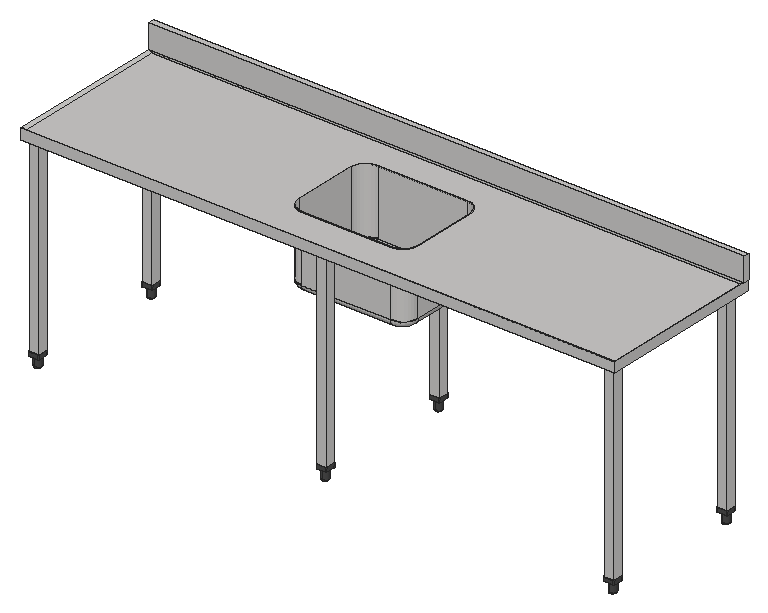
Revit family "QF_MACOM_MVT1DC_70xxxP", category Equipamento especial, Revit 2020
Family settings
  Cota do conector redondo = Utilizar diâmetro
  Tipo de parte = Normal
  Número OmniClass = 23.40.40.14
  Título OmniClass = Food Service Equipment
  Com base no plano de trabalho = Não
  Sempre na vertical = Sim
  Corte com vazios quando carregada = Não
  Compartilhado = Não
  Ponto de cálculo do ambiente = Não
Parameters (values of type "MVT1DC-70250P")
  Weight [instance] = 0.00 kg
  URL = "https://www.acosmacom.com.br/produtos/mesa-de-encosto-com-cuba/"
  Modelo = "MVT1DC-70250P"
  Valve Size = 3 1/2"
  Foot w/ + 2000 = not(Length Actual < 2001 mm)  # yes
  Fabricante = "MACOM"
  Elevação padrão = 0 mm
  Descrição = "MESA VINCADA INOX PREMIUM MACOM ESP.TRASEIRO + 1 CUBA CENTRAL 504030 - 2500X700X900mm"
  Type Comments = ""
  Masterspec [instance] = ""
  Length Actual = 2500 mm
  Identify Quantity as Lot [instance] = yes
  Height Actual [instance] = 900 mm
  Foodservice Equipment Identifier [instance] = yes
  Depth Actual [instance] = 700 mm
  CSI MasterFormat [instance] = ""
  Accessory [instance] = yes
Types (6, lengths in mm): name | Modelo | Foot w/ + 2000 | Descrição | Length Actual
  (no name) | "MVT1DC-70250P" | yes | "MESA VINCADA INOX PREMIUM MACOM ESP.TRASEIRO + 1 CUBA CENTRAL 504030 - 2500X700X900mm" | 2500
  MVT1DC-70250P | "MVT1DC-70250P" | yes | "MESA VINCADA INOX PREMIUM MACOM ESP.TRASEIRO + 1 CUBA CENTRAL 504030 - 2500X700X900mm" | 2500
  MVT1DC-70200P | "MVT1DC-70200P" | no | "MESA VINCADA INOX PREMIUM MACOM ESP.TRASEIRO + 1 CUBA CENTRAL 504030 - 2000X700X900mm" | 2000
  MVT1DC-70180P | "MVT1DC-70180P" | no | "MESA VINCADA INOX PREMIUM MACOM ESP.TRASEIRO + 1 CUBA CENTRAL 625030 - 1800X700X900mm\r\nMESA LISA INOX PREMIUM MACOM CENTRO 700X700X900mm\r\nMESA VINCADA INOX PREMIUM MACOM ESP.TRASEIRO + 1 CUBA CENTRAL 504030 - 1800x700X900mm" | 1800
  MVT1DC-70140P | "MVT1DC-70140P" | no | "MESA VINCADA INOX PREMIUM MACOM ESP.TRASEIRO + 1 CUBA CENTRAL 504030 - 1400X700X900mm" | 1400
  MVT1DC-7070P | "MVT1DC-7070P" | no | "MESA VINCADA INOX PREMIUM MACOM ESP.TRASEIRO + 1 CUBA CENTRAL 504030 - 700X700X900mm" | 700
Reference planes
  plane 1 "Centro (Frontal/Traseira)": y = 0
  plane 2: z = 0
  plane 3 "Centro (Esquerda/Direita)": x = 0
  plane 4: z = 60
  plane 5: x = -1250
  plane 6: x = 1250
  plane 7: y = 700
  plane 8: x = 0
  plane 9: z = 900
  plane 10: y = 350
  plane 11: x = 0
  plane 12: z = 892
Forms (mm)
  Extrusion 1, solid, material "QF_Stainless_Steel"
    sketch origin (-2790.51, -1503.5, 60) x (-1, 0, 0) y (0, -1, 0)
      loop
        line (-1562.01, -1524) -> (-1602.01, -1524) -> (-1602.01, -1564) -> (-1562.01, -1564) -> (-1562.01, -1524)
      loop
        line (-1562.01, -2159) -> (-1562.01, -2119) -> (-1602.01, -2119) -> (-1602.01, -2159) -> (-1562.01, -2159)
      loop
        line (-3979.01, -2159) -> (-3979.01, -2119) -> (-4019.01, -2119) -> (-4019.01, -2159) -> (-3979.01, -2159)
      loop
        line (-3979.01, -1564) -> (-3979.01, -1524) -> (-4019.01, -1524) -> (-4019.01, -1564) -> (-3979.01, -1564)
    from 0 to 797.2
  Extrusion 2, solid, material "QF_Stainless_Steel"
    sketch origin (1228.5, 1140.857, 117.847) x (0, -1, 0) y (0, 0, -1)
      loop
        line (440.857, -782.153) -> (1140.857, -782.153) -> (1140.857, -739.353) -> (440.857, -739.353) -> (440.857, -782.153)
    from 21.5 to -2478.5
  Extrusion 3, solid, material "QF_Stainless_Steel"
    sketch origin (1250, 1140.857, 117.847) x (0, -1, 0) y (0, 0, -1)
      loop
        line (440.857, -782.153) -> (440.857, -882.153) -> (465.857, -882.153) -> (465.857, -782.153) -> (440.857, -782.153)
    from 0 to -2500
  Extrusion 4, void
    sketch origin (1228.5, 700, 900) x (1, 0, 0) y (0, -1, 0)
      loop
        line (-1041.7, 550) -> (-1415.3, 550)
        arc (-1415.3, 550) -> (-1459.989, 531.489) -> (-1478.5, 486.8) r 63.2
        line (-1478.5, 486.8) -> (-1478.5, 213.2)
        arc (-1478.5, 213.2) -> (-1459.989, 168.511) -> (-1415.3, 150) r 63.2
        line (-1415.3, 150) -> (-1041.7, 150)
        arc (-1041.7, 150) -> (-997.011, 168.511) -> (-978.5, 213.2) r 63.2
        line (-978.5, 213.2) -> (-978.5, 486.8)
        arc (-978.5, 486.8) -> (-997.011, 531.489) -> (-1041.7, 550) r 63.2
    from 0 to 42.8
  Extrusion 5, solid, material "QF_Stainless_Steel", visible <- "Foot w/ + 2000"
    sketch origin (1228.5, 0, 857.2) x (1, 0, 0) y (0, -1, 0)
      loop
        line (-1208.5, -60.5) -> (-1208.5, -20.5) -> (-1248.5, -20.5) -> (-1248.5, -60.5) -> (-1208.5, -60.5)
      loop
        line (-1248.5, -655.5) -> (-1208.5, -655.5) -> (-1208.5, -615.5) -> (-1248.5, -615.5) -> (-1248.5, -655.5)
    from 0 to 797.2
  Blend 6, void
    base sketch origin (1228.5, 700, 900) x (0, -1, 0) y (1, 0, 0)
      loop
        line (25, -2478.5) -> (700, -2478.5) -> (700, 21.5) -> (25, 21.5) -> (25, -2478.5)
    top sketch origin (1228.5, 700, 900) x (0, -1, 0) y (1, 0, 0)
      loop
        line (25, -2464.5) -> (686, -2464.5) -> (686, 7.5) -> (25, 7.5) -> (25, -2464.5)
    from 0 to -8
Cuts and joins
  Extrusion 4, Blend 6 cuts Extrusion 2
Lines and regions (mm)
  symbolic lines
    curve 1: line (-1250, 700, 0) -> (1250, 700, 0)
    curve 2: line (1250, 700, 0) -> (1250, 0, 0)
    curve 3: line (1250, 0, 0) -> (-1250, 0, 0)
    curve 4: line (-1250, 0, 0) -> (-1250, 700, 0)
    curve 5: line (250, 486.8, 0) -> (250, 213.2, 0)
    curve 6: arc (250, 213.2, 0) -> (231.489, 168.511, 0) -> (186.8, 150, 0) r 63.2
    curve 7: line (186.8, 150, 0) -> (-186.8, 150, 0)
    curve 8: arc (-186.8, 150, 0) -> (-231.489, 168.511, 0) -> (-250, 213.2, 0) r 63.2
    curve 9: line (-250, 213.2, 0) -> (-250, 486.8, 0)
    curve 10: arc (-250, 486.8, 0) -> (-231.489, 531.489, 0) -> (-186.8, 550, 0) r 63.2
    curve 11: line (-186.8, 550, 0) -> (186.8, 550, 0)
    curve 12: arc (186.8, 550, 0) -> (231.489, 531.489, 0) -> (250, 486.8, 0) r 63.2
    curve 13: line (-1250, 0, 0) -> (-1236, 14, 0)
    curve 14: line (1250, 0, 0) -> (1236, 14, 0)
    curve 15: line (-1236, 14, 0) -> (1236, 14, 0)
    curve 16: line (-1236, 675, 0) -> (-1236, 14, 0)
    curve 17: line (1250, 675, 0) -> (-1250, 675, 0)
    curve 18: line (1236, 14, 0) -> (1236, 675, 0)
Dimensions and locks
  Extrusion 1 sketch curve to Extrusion 1 sketch curve = 2377 mm
  locked: Extrusion 2 to Extrusion 2 at 42.8
  locked: Extrusion 2 to Extrusion 1 at 84.5
  "Height Actual": Extrusion 2 to level
  "Length Actual": Extrusion 2 to plane 5
  locked: Extrusion 2 to Extrusion 1 at 61.5
  locked: Extrusion 1 sketch curve to plane 1 "Centro (Frontal/Traseira)" at 20.5
  locked: plane 1 "Centro (Frontal/Traseira)" to Extrusion 1 sketch curve at 20.5
  locked: plane 5 to Extrusion 1 sketch curve at 21.5  (x2)
  locked: Extrusion 1 sketch curve to plane 6 at 21.5  (x2)
  locked: Extrusion 1 sketch curve to plane 7 at 44.5  (x2)
  locked: Extrusion 1 sketch curve to Extrusion 1 sketch curve at 40  (x8)
  locked: Extrusion 1 to nested 1 at 20  (x2)
  locked: Extrusion 1 to nested 4 at 20  (x2)
  locked: nested 2 to Extrusion 1 at 20  (x2)
  locked: nested 4 to Extrusion 1 at 20
  locked: Extrusion 1 to nested 3 at 20  (x2)
  "Length Actual": plane 5 to plane 6
  "Depth Actual": plane 1 "Centro (Frontal/Traseira)" to plane 7
  equal spacing: plane 1 "Centro (Frontal/Traseira)", plane 10, plane 7
  equal spacing: plane 5, plane 8, plane 6
  Extrusion 5 sketch curve to plane 8 to Extrusion 5 sketch curve = 20 mm locked, 20 mm locked  (x2)
  cut or joined group of Extrusion 2, Extrusion 4, Blend 6 to Extrusion 5 sketch curve to Extrusion 5 sketch curve = 20.5 mm locked, 40 mm locked
  Extrusion 5 sketch curve to Extrusion 5 sketch curve to plane 7 = 40 mm locked, 44.5 mm locked
  locked: plane 5 to Blend 6 sketch curve at 14
  locked: Blend 6 sketch curve to plane 6 at 14
  locked: Blend 6 sketch curve to plane 1 "Centro (Frontal/Traseira)" at 14
  aligned and locked: level to plane 2
  aligned and locked: plane 5 to Extrusion 2
  aligned and locked: plane 7 to Extrusion 2
  aligned and locked: plane 6 to Extrusion 2
  aligned and locked: plane 1 "Centro (Frontal/Traseira)" to Extrusion 2 sketch curve
  aligned and locked: plane 7 to curve 1
  aligned and locked: Extrusion 3 sketch curve to Extrusion 2  (x2)
  aligned and locked: nested 5 to plane 8
  aligned and locked: plane 10 to nested 5
  aligned and locked: Extrusion 4 sketch curve to nested 5  (x2)
  aligned and locked: nested 5 to Extrusion 4 sketch curve  (x2)
  aligned and locked: curve 11 to nested 5
  aligned and locked: nested 5 to curve 5
  aligned and locked: nested 5 to curve 7
  aligned and locked: curve 9 to nested 5
  aligned and locked: plane 9 to cut or joined group of Extrusion 2, Extrusion 4, Blend 6
  aligned and locked: plane 3 "Centro (Esquerda/Direita)" to plane 8
  aligned and locked: Extrusion 3 to plane 5
  aligned and locked: Extrusion 3 to curve 1
  aligned and locked: plane 11 to nested 7
  aligned and locked: plane 11 to nested 6
  aligned and locked: plane 3 "Centro (Esquerda/Direita)" to plane 11
  aligned and locked: Blend 6 sketch curve to Extrusion 3  (x2)
  aligned and locked: Blend 6 sketch curve to cut or joined group of Extrusion 2, Extrusion 4, Blend 6
  aligned and locked: curve 2 to Blend 6 sketch curve
  aligned and locked: var sketch to Blend 6 sketch curve
  aligned and locked: plane 12 to nested 5
  aligned and locked: cut or joined group of Extrusion 2, Extrusion 4, Blend 6 to plane 12
  aligned and locked: curve 4 to cut or joined group of Extrusion 2, Extrusion 4, Blend 6
  aligned and locked: curve 15 to cut or joined group of Extrusion 2, Extrusion 4, Blend 6
  aligned and locked: curve 16 to cut or joined group of Extrusion 2, Extrusion 4, Blend 6
  aligned and locked: curve 17 to cut or joined group of Extrusion 2, Extrusion 4, Blend 6
  aligned and locked: curve 18 to cut or joined group of Extrusion 2, Extrusion 4, Blend 6
Automatic sketch dimensions
  Extrusion 3 sketch curve to Extrusion 2 = 25 mm
  Extrusion 2 to Extrusion 3 sketch curve = 100 mm
  Extrusion 4 sketch curve to Extrusion 4 sketch curve = 63.2 mm  (x4)
  Extrusion 2 sketch curve to plane 7 = 0 mm
  plane 9 to Extrusion 2 sketch curve = 0 mm
  plane 9 to Extrusion 2 sketch curve = 42.8 mm
  curve 1 to plane 5 = 0 mm
  plane 1 "Centro (Frontal/Traseira)" to curve 13 = 0 mm
  plane 5 to curve 16 = 14 mm
  curve 8 to curve 8 = 63.2 mm
  curve 9 to curve 10 = 63.2 mm
  curve 7 to curve 5 = 63.2 mm
  curve 11 to curve 5 = 63.2 mm
  curve 14 to plane 6 = 14 mm
  curve 15 to plane 1 "Centro (Frontal/Traseira)" = 14 mm
  curve 17 to curve 1 = 25 mm
Nested families
  nested 1: "PÉ DE MESA" at (-1208.5, 635.5, 0.6), type "PÉ DE MESA"
  nested 2: "PÉ DE MESA" at (-1208.5, 40.5, 0.6), type "PÉ DE MESA"
  nested 3: "PÉ DE MESA" at (1208.5, 40.5, 0.6), type "PÉ DE MESA"
  nested 4: "PÉ DE MESA" at (1208.5, 635.5, 0.6), type "PÉ DE MESA"
  nested 5: "CUBA_504030" at (0, 350, 617.153) x (-1, 0, 0) z (0, 0, 1), type "CUBA_504030"
  nested 6: "PÉ DE MESA" at (0, 635.5, 0.6), visible <- "Foot w/ + 2000", type "PÉ DE MESA"
  nested 7: "PÉ DE MESA" at (0, 40.5, 0.6), visible <- "Foot w/ + 2000", type "PÉ DE MESA"
Connectors
  piping at (0, 350, 592), diameter 88.9, driven by "Valve Size"
    settings: on nested 5, index 1, connector inside diameter 609.6 mm, connector length 0 mm, flow factor 0, pipe flow 0.0 L/s, pressure drop 0.0 Pa, fitting loss kfactor 0, connector angle 0.00°, fixture units 0, engagement length 0 mm, angle of deflection 0.00°, flow configuration 0, flow direction 2, fitting loss method 0, system type 7, joint type 0, gender type 0, connector reference index -1, connector utility 0, adjustable connector no, is connector primary yes, connector description ""
Definition of nested family "PÉ DE MESA"
  Parameters (values of type "PÉ DE MESA")
    Default Elevation = 0 mm
  Reference planes
    plane 1 "Centro (Frente/Trás)": y = 0
    plane 2: z = 0
    plane 3 "Centro (Esquerda/Direita)": x = 0
  Forms (mm)
    Revolve 1, solid
      sketch origin (0, 0, 0) x (0, 1, 0) y (0, 0, 1)
        loop
          line (0, -0.6) -> (0, 42.4) -> (-15.1, 42.4) -> (-15.1, 5.4)
          arc (-15.1, 5.4) -> (-13.343, 1.157) -> (-9.1, -0.6) r 6
          line (-9.1, -0.6) -> (0, -0.6)
        axis (0, 42.4) -> (0, -0.6)
      angle from 0 to 360
    Extrusion 2, solid
      sketch origin (0, 0, 42.4) x (-1, 0, 0) y (0, -1, 0)
        loop
          arc (-22, -19) -> (-21.121, -21.121) -> (-19, -22) r 3
          line (-19, -22) -> (19, -22)
          arc (19, -22) -> (21.121, -21.121) -> (22, -19) r 3
          line (22, -19) -> (22, 19)
          arc (22, 19) -> (21.121, 21.121) -> (19, 22) r 3
          line (19, 22) -> (-19, 22)
          arc (-19, 22) -> (-21.121, 21.121) -> (-22, 19) r 3
          line (-22, 19) -> (-22, -19)
      from 0 to 17
  Dimensions and locks
    locked: Revolve 1 sketch curve to Revolve 1 sketch curve at 43
    locked: Revolve 1 sketch curve to Revolve 1 sketch curve at 37
    locked: Revolve 1 sketch curve to Revolve 1 sketch curve at 15.1
    locked: Extrusion 2 sketch curve to Extrusion 2 sketch curve at 44  (x2)
    plane 3 "Centro (Esquerda/Direita)" to Extrusion 2 = 22 mm
    plane 3 "Centro (Esquerda/Direita)" to Extrusion 2 sketch curve = 22 mm
    plane 1 "Centro (Frente/Trás)" to Extrusion 2 sketch curve = 22 mm
    aligned and locked: level to plane 2
Definition of nested family "CUBA_504030"
  Parameters (values of type "CUBA_504030")
    Height = 300 mm  # constant formula
    Default Elevation = 0 mm
  Reference planes
    plane 1 "Center (Front/Back)": y = 0
    plane 2: z = 0
    plane 3 "Center (Left/Right)": x = 0
    plane 4: x = -250
    plane 5: x = 250
    plane 6: y = 200
    plane 7: y = -200
    plane 8: z = -25.153
    plane 9: z = 274.847
  Forms (mm)
    Sweep 1, solid
      path origin (0, 0, 0) x (1, 0, 0) y (0, 1, 0)
        loop
          line (250, -136.8) -> (250, 136.8)
          arc (250, 136.8) -> (231.489, 181.489) -> (186.8, 200) r 63.2
          line (186.8, 200) -> (-186.8, 200)
          arc (-186.8, 200) -> (-231.489, 181.489) -> (-250, 136.8) r 63.2
          line (-250, 136.8) -> (-250, -136.8)
          arc (-250, -136.8) -> (-231.489, -181.489) -> (-186.8, -200) r 63.2
          line (-186.8, -200) -> (186.8, -200)
          arc (186.8, -200) -> (231.489, -181.489) -> (250, -136.8) r 63.2
      profile origin (250, 0, 0) x (-1, 0, 0) y (0, 0, 1)
        loop
          line (0, 0) -> (0, -1.284)
          arc (0, -1.284) -> (4.865, -16.102) -> (17.565, -25.153) r 25
          line (17.565, -25.153) -> (17.565, -23.577)
          arc (17.565, -23.577) -> (5.935, -15.023) -> (1.5, -1.284) r 23.5
          line (1.5, -1.284) -> (1.5, 0) -> (0, 0)
    Extrusion 2, solid
      sketch origin (0, 0, 0) x (1, 0, 0) y (0, 1, 0)
        loop
          line (-250, 136.8) -> (-250, -136.8)
          arc (-250, -136.8) -> (-231.489, -181.489) -> (-186.8, -200) r 63.2
          line (-186.8, -200) -> (186.8, -200)
          arc (186.8, -200) -> (231.489, -181.489) -> (250, -136.8) r 63.2
          line (250, -136.8) -> (250, 136.8)
          arc (250, 136.8) -> (231.489, 181.489) -> (186.8, 200) r 63.2
          line (186.8, 200) -> (-186.8, 200)
          arc (-186.8, 200) -> (-231.489, 181.489) -> (-250, 136.8) r 63.2
        loop
          arc (-186.8, 198.5) -> (-230.428, 180.428) -> (-248.5, 136.8) r 61.7
          line (-248.5, 136.8) -> (-248.5, -136.8)
          arc (-248.5, -136.8) -> (-230.428, -180.428) -> (-186.8, -198.5) r 61.7
          line (-186.8, -198.5) -> (186.8, -198.5)
          arc (186.8, -198.5) -> (230.428, -180.428) -> (248.5, -136.8) r 61.7
          line (248.5, -136.8) -> (248.5, 136.8)
          arc (248.5, 136.8) -> (230.428, 180.428) -> (186.8, 198.5) r 61.7
          line (186.8, 198.5) -> (-186.8, 198.5)
      from 0 to 274.847
    Extrusion 3, solid
      sketch origin (0, 0, 0) x (1, 0, 0) y (0, 1, 0)
        loop
          arc (-232.435, -136.8) -> (-219.069, -169.069) -> (-186.8, -182.435) r 45.635
          line (-186.8, -182.435) -> (186.8, -182.435)
          arc (186.8, -182.435) -> (219.069, -169.069) -> (232.435, -136.8) r 45.635
          line (232.435, -136.8) -> (232.435, 136.8)
          arc (232.435, 136.8) -> (219.069, 169.069) -> (186.8, 182.435) r 45.635
          line (186.8, 182.435) -> (-186.8, 182.435)
          arc (-186.8, 182.435) -> (-219.069, 169.069) -> (-232.435, 136.8) r 45.635
          line (-232.435, 136.8) -> (-232.435, -136.8)
        loop
          circle (0, 0) r 44.45
      from -25.153 to -23.577
  Cuts and joins
    joined: Sweep 1, Extrusion 2, Extrusion 3
  Dimensions and locks
    locked: plane 4 to Extrusion 2 sketch curve at 1.5
    locked: Extrusion 2 sketch curve to plane 7 at 1.5
    locked: Extrusion 2 sketch curve to plane 5 at 1.5
    locked: Extrusion 2 sketch curve to plane 6 at 1.5
    Sweep 1 sketch curve to profile plane = 1.5 mm
    locked: level to plane 8 at 25.153
    locked: plane 1 "Center (Front/Back)" to Extrusion 3 sketch curve
    locked: plane 3 "Center (Left/Right)" to Extrusion 3 sketch curve
    plane 4 to plane 3 "Center (Left/Right)" to plane 5 = 250 mm, 250 mm
    plane 4 to plane 5 = 500 mm
    plane 7 to plane 6 = 400 mm
    plane 7 to plane 1 "Center (Front/Back)" to plane 6 = 200 mm, 200 mm
    "Height": plane 9 to plane 8
    aligned and locked: level to plane 2
    aligned and locked: plane 4 to cut or joined group of Sweep 1, Extrusion 2, Extrusion 3
    aligned and locked: plane 5 to cut or joined group of Sweep 1, Extrusion 2, Extrusion 3
    aligned and locked: Extrusion 2 sketch curve to plane 4
    aligned and locked: plane 7 to cut or joined group of Sweep 1, Extrusion 2, Extrusion 3
    aligned and locked: plane 6 to cut or joined group of Sweep 1, Extrusion 2, Extrusion 3
    aligned and locked: Extrusion 2 sketch curve to plane 6
    aligned and locked: plane 7 to Extrusion 2 sketch curve
    aligned and locked: plane 5 to Extrusion 2 sketch curve
    aligned and locked: profile plane to Sweep 1 sketch curve
    aligned and locked: Sweep 1 sketch curve to plane 7
    aligned and locked: plane 5 to Sweep 1 sketch curve
    aligned and locked: plane 4 to Sweep 1 sketch curve
    aligned and locked: plane 6 to Sweep 1 sketch curve
    aligned and locked: Extrusion 3 to Sweep 1  (x4)
    aligned and locked: plane 8 to cut or joined group of Sweep 1, Extrusion 2, Extrusion 3
    aligned and locked: plane 9 to cut or joined group of Sweep 1, Extrusion 2, Extrusion 3
  Automatic sketch dimensions
    plane 4 to Sweep 1 sketch curve = 63.2 mm  (x2)
    Sweep 1 sketch curve to plane 5 = 63.2 mm  (x2)
    Sweep 1 sketch curve to Sweep 1 sketch curve = 0 mm  (x2)
    Sweep 1 sketch curve to level = 0 mm
    Sweep 1 sketch curve to profile plane = 17.565 mm
    Sweep 1 sketch curve to level = 1.284 mm
    Sweep 1 sketch curve to Sweep 1 sketch curve = 7.435 mm
    Extrusion 2 sketch curve to Extrusion 2 sketch curve = 0 mm  (x8)
    plane 4 to Extrusion 2 sketch curve = 63.2 mm  (x2)
    Extrusion 2 sketch curve to plane 5 = 63.2 mm
    Extrusion 2 sketch curve to Extrusion 2 sketch curve = 61.7 mm
    plane 4 to Extrusion 3 sketch curve = 63.2 mm  (x2)
    plane 4 to Extrusion 3 sketch curve = 17.565 mm
    plane 6 to Extrusion 3 sketch curve = 17.565 mm
    Extrusion 3 sketch curve to plane 5 = 63.2 mm  (x2)
    Extrusion 3 sketch curve to plane 5 = 17.565 mm
    Extrusion 3 sketch curve to plane 7 = 63.2 mm
    radius of Extrusion 3 sketch curve = 44.45 mm
